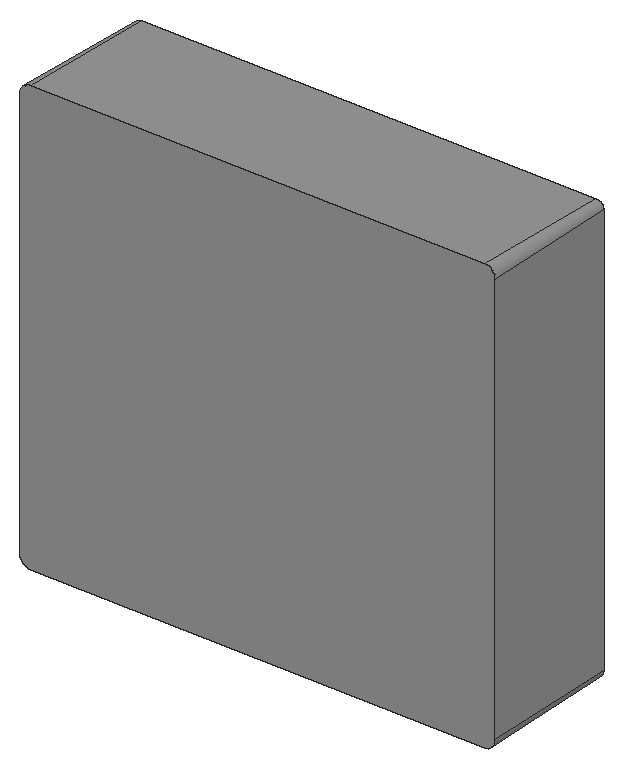
Revit family "L&L_LUCE&LIGHT_PASITO_1.2", category Lighting Fixtures, host Wall, Revit 2018 (continued)
Parameters (values of type "PASITO_1.2 – Asymmetrical 150°x90°")
    00 0.00 0.00 0.00 0.00 0.00 0.00 0.00 0.00 0.00 0.00 \r\n0.00 0.00 0.00 0.00 0.00 0.00 0.00 0.00 0.00 0.00 0.00 \r\n0.00 0.00 0.00 0.00 0.00 0.00 0.00 0.00 0.00 0.00 0.00 \r\n0.00 0.00 0.00 0.01 0.02 \r\n0.14 0.09 0.05 0.00 0.00 0.00 0.00 0.00 0.00 0.00 0.00 \r\n0.00 0.00 0.00 0.00 0.00 0.00 0.00 0.00 0.00 0.00 0.00 \r\n0.00 0.00 0.00 0.00 0.00 0.00 0.00 0.00 0.00 0.00 0.00 \r\n0.00 0.00 0.00 0.00 0.00 0.00 0.00 0.00 0.00 0.00 0.00 \r\n0.00 0.00 0.00 0.00 0.00 0.00 0.00 0.00 0.00 0.00 0.00 \r\n0.00 0.00 0.00 0.00 0.00 0.00 0.00 0.00 0.00 0.00 0.00 \r\n0.00 0.00 0.00 0.00 0.00 0.00 0.00 0.00 0.00 0.00 0.00 \r\n0.00 0.00 0.00 0.00 0.00 0.00 0.00 0.00 0.00 0.00 0.00 \r\n0.00 0.00 0.00 0.00 0.00 0.00 0.00 0.00 0.00 0.00 0.00 \r\n0.00 0.00 0.00 0.00 0.00 0.00 0.00 0.00 0.00 0.00 0.00 \r\n0.00 0.00 0.00 0.00 0.00 0.00 0.00 0.00 0.00 0.00 0.00 \r\n0.00 0.00 0.00 0.00 0.00 0.00 0.00 0.00 0.00 0.00 0.00 \r\n0.00 0.00 0.00 0.00 0.00 0.00 0.00 0.00 0.00 0.00 0.00 \r\n0.00 0.00 0.00 0.00 0.00 0.00 0.00 0.00 0.00 0.00 0.00 \r\n0.00 0.00 0.00 0.00 0.00 0.00 0.00 0.00 0.00 0.00 0.00 \r\n0.00 0.00 0.00 0.00 0.00 0.00 0.00 0.00 0.00 0.00 0.00 \r\n0.00 0.00 0.01 0.01 0.02 \r\n0.14 0.11 0.07 0.03 0.00 0.00 0.00 0.00 0.00 0.00 0.00 \r\n0.00 0.00 0.00 0.00 0.00 0.00 0.00 0.00 0.00 0.00 0.00 \r\n0.00 0.00 0.00 0.00 0.00 0.00 0.00 0.00 0.00 0.00 0.00 \r\n0.00 0.00 0.00 0.00 0.00 0.00 0.00 0.00 0.00 0.00 0.00 \r\n0.00 0.00 0.00 0.00 0.00 0.00 0.00 0.00 0.00 0.00 0.00 \r\n0.00 0.00 0.00 0.00 0.00 0.00 0.00 0.00 0.00 0.00 0.00 \r\n0.00 0.00 0.00 0.00 0.00 0.00 0.00 0.00 0.00 0.00 0.00 \r\n0.00 0.00 0.00 0.00 0.00 0.00 0.00 0.00 0.00 0.00 0.00 \r\n0.00 0.00 0.00 0.00 0.00 0.00 0.00 0.00 0.00 0.00 0.00 \r\n0.00 0.00 0.00 0.00 0.00 0.00 0.00 0.00 0.00 0.00 0.00 \r\n0.00 0.00 0.00 0.00 0.00 0.00 0.00 0.00 0.00 0.00 0.00 \r\n0.00 0.00 0.00 0.00 0.00 0.00 0.00 0.00 0.00 0.00 0.00 \r\n0.00 0.00 0.00 0.00 0.00 0.00 0.00 0.00 0.00 0.00 0.00 \r\n0.00 0.00 0.00 0.00 0.00 0.00 0.00 0.00 0.00 0.00 0.00 \r\n0.00 0.00 0.00 0.00 0.00 0.00 0.00 0.00 0.00 0.00 0.00 \r\n0.00 0.00 0.00 0.00 0.00 0.00 0.00 0.00 0.00 0.00 0.00 \r\n0.00 0.01 0.01 0.01 0.02 \r\n0.14 0.12 0.09 0.07 0.04 0.02 0.00 0.00 0.00 0.00 0.00 \r\n0.00 0.00 0.00 0.00 0.00 0.00 0.00 0.00 0.00 0.00 0.00 \r\n0.00 0.00 0.00 0.00 0.00 0.00 0.00 0.00 0.00 0.00 0.00 \r\n0.00 0.00 0.00 0.00 0.00 0.00 0.00 0.00 0.00 0.00 0.00 \r\n0.00 0.00 0.00 0.00 0.00 0.00 0.00 0.00 0.00 0.00 0.00 \r\n0.00 0.00 0.00 0.00 0.00 0.00 0.00 0.00 0.00 0.00 0.00 \r\n0.00 0.00 0.00 0.00 0.00 0.00 0.00 0.00 0.00 0.00 0.00 \r\n0.00 0.00 0.00 0.00 0.00 0.00 0.00 0.00 0.00 0.00 0.00 \r\n0.00 0.00 0.00 0.00 0.00 0.00 0.00 0.00 0.00 0.00 0.00 \r\n0.00 0.00 0.00 0.00 0.00 0.00 0.00 0.00 0.00 0.00 0.00 \r\n0.00 0.00 0.00 0.00 0.00 0.00 0.00 0.00 0.00 0.00 0.00 \r\n0.00 0.00 0.00 0.00 0.00 0.00 0.00 0.00 0.00 0.00 0.00 \r\n0.00 0.00 0.00 0.00 0.00 0.00 0.00 0.00 0.00 0.00 0.00 \r\n0.00 0.00 0.00 0.00 0.00 0.00 0.00 0.00 0.00 0.00 0.00 \r\n0.00 0.00 0.00 0.00 0.00 0.00 0.00 0.00 0.00 0.00 0.00 \r\n0.00 0.00 0.00 0.00 0.00 0.00 0.00 0.00 0.00 0.00 0.01 \r\n0.01 0.01 0.02 0.02 0.02 \r\n0.14 0.13 0.11 0.10 0.09 0.08 0.07 0.06 0.05 0.03 0.02 \r\n0.01 0.00 0.00 0.00 0.00 0.00 0.00 0.00 0.00 0.00 0.00 \r\n0.00 0.00 0.00 0.00 0.00 0.00 0.00 0.00 0.00 0.00 0.00 \r\n0.00 0.00 0.00 0.00 0.00 0.00 0.00 0.00 0.00 0.00 0.00 \r\n0.00 0.00 0.00 0.00 0.00 0.00 0.00 0.00 0.00 0.00 0.00 \r\n0.00 0.00 0.00 0.00 0.00 0.00 0.00 0.00 0.00 0.00 0.00 \r\n0.00 0.00 0.00 0.00 0.00 0.00 0.00 0.00 0.00 0.00 0.00 \r\n0.00 0.00 0.00 0.00 0.00 0.00 0.00 0.00 0.00 0.00 0.00 \r\n0.00 0.00 0.00 0.00 0.00 0.00 0.00 0.00 0.00 0.00 0.00 \r\n0.00 0.00 0.00 0.00 0.00 0.00 0.00 0.00 0.00 0.00 0.00 \r\n0.00 0.00 0.00 0.00 0.00 0.00 0.00 0.00 0.00 0.00 0.00 \r\n0.00 0.00 0.00 0.00 0.00 0.00 0.00 0.00 0.00 0.00 0.00 \r\n0.00 0.00 0.00 0.00 0.00 0.00 0.00 0.00 0.00 0.00 0.00 \r\n0.00 0.00 0.00 0.00 0.00 0.00 0.00 0.00 0.00 0.00 0.00 \r\n0.00 0.00 0.00 0.00 0.00 0.00 0.00 0.00 0.00 0.00 0.00 \r\n0.00 0.00 0.00 0.00 0.00 0.01 0.01 0.01 0.02 0.02 0.03 \r\n0.03 0.03 0.02 0.02 0.02 \r\n0.14 0.14 0.13 0.13 0.13 0.13 0.13 0.13 0.14 0.14 0.15 \r\n0.15 0.16 0.17 0.17 0.18 0.19 0.20 0.21 0.22 0.22 0.23 \r\n0.24 0.25 0.26 0.27 0.28 0.29 0.30 0.31 0.32 0.33 0.34 \r\n0.36 0.37 0.38 0.39 0.40 0.41 0.42 0.43 0.44 0.46 0.47 \r\n0.48 0.49 0.50 0.51 0.52 0.53 0.54 0.55 0.56 0.57 0.58 \r\n0.59 0.60 0.61 0.62 0.63 0.64 0.65 0.66 0.67 0.68 0.69 \r\n0.70 0.71 0.71 0.72 0.73 0.74 0.75 0.76 0.76 0.77 0.78 \r\n0.79 0.79 0.80 0.81 0.82 0.83 0.83 0.84 0.85 0.86 0.86 \r\n0.87 0.88 0.88 0.89 0.89 0.90 0.90 0.90 0.91 0.91 0.91 \r\n0.91 0.91 0.91 0.91 0.91 0.91 0.90 0.90 0.90 0.89 0.88 \r\n0.88 0.87 0.86 0.85 0.84 0.83 0.82 0.81 0.80 0.79 0.78 \r\n0.77 0.77 0.76 0.75 0.74 0.73 0.72 0.71 0.70 0.69 0.68 \r\n0.67 0.65 0.64 0.62 0.61 0.59 0.58 0.56 0.55 0.53 0.51 \r\n0.49 0.48 0.46 0.44 0.42 0.40 0.39 0.37 0.35 0.33 0.32 \r\n0.30 0.28 0.27 0.25 0.23 0.22 0.20 0.19 0.18 0.16 0.15 \r\n0.13 0.12 0.11 0.09 0.08 0.08 0.08 0.07 0.07 0.07 0.07 \r\n0.06 0.05 0.03 0.02 0.02 \r\n0.14 0.14 0.14 0.14 0.15 0.16 0.17 0.18 0.19 0.20 0.21 \r\n0.23 0.28 0.34 0.41 0.48 0.56 0.63 0.73 0.85 0.97 1.09 \r\n1.22 1.34 1.47 1.59 1.71 1.83 1.95 2.07 2.19 2.32 2.45 \r\n2.58 2.71 2.84 2.97 3.10 3.21 3.33 3.46 3.60 3.75 3.90 \r\n4.06 4.21 4.35 4.50 4.65 4.80 4.97 5.15 5.35 5.56 5.78 \r\n6.02 6.26 6.51 6.76 7.00 7.24 7.47 7.68 7.88 8.08 8.25 \r\n8.39 8.53 8.66 8.77 8.86 8.92 8.97 9.01 9.04 9.07 9.10 \r\n9.13 9.16 9.18 9.19 9.19 9.17 9.14 9.09 9.03 8.96 8.88 \r\n8.79 8.70 8.61 8.53 8.46 8.38 8.29 8.19 8.07 7.94 7.78 \r\n7.59 7.38 7.13 6.88 6.61 6.34 6.08 5.84 5.61 5.40 5.19 \r\n4.98 4.78 4.58 4.39 4.21 4.04 3.88 3.73 3.60 3.47 3.35 \r\n3.23 3.12 3.02 2.92 2.83 2.74 2.65 2.56 2.47 2.38 2.29 \r\n2.21 2.13 2.06 1.98 1.91 1.85 1.78 1.71 1.64 1.57 1.51 \r\n1.44 1.38 1.32 1.26 1.21 1.15 1.10 1.04 0.99 0.94 0.89 \r\n0.84 0.79 0.74 0.69 0.65 0.60 0.56 0.51 0.47 0.43 0.40 \r\n0.36 0.33 0.29 0.26 0.24 0.22 0.20 0.18 0.16 0.14 0.13 \r\n0.10 0.07 0.05 0.03 0.02 \r\n0.14 0.14 0.14 0.15 0.18 0.22 0.27 0.37 0.47 0.58 0.74 \r\n0.90 1.09 1.32 1.56 1.79 2.02 2.25 2.43 2.57 2.71 2.84 \r\n2.94 3.05 3.16 3.29 3.43 3.58 3.75 3.93 4.11 4.34 4.58 \r\n4.83 5.09 5.36 5.63 5.92 6.21 6.50 6.79 7.07 7.33 7.61 \r\n7.90 8.23 8.58 8.93 9.26 9.56 9.86 10.17 10.50 10.82 \r\n11.15 11.47 11.78 12.07 12.36 12.61 12.85 13.06 13.24 \r\n13.41 13.55 13.68 13.79 13.89 13.99 14.07 14.14 14.19 \r\n14.22 14.24 14.25 14.24 14.23 14.22 14.20 14.17 14.12 \r\n14.06 13.97 13.88 13.77 13.66 13.54 13.42 13.29 13.16 \r\n13.03 12.80 12.54 12.26 11.99 11.75 11.55 11.39 11.24 \r\n11.10 10.95 10.78 10.59 10.37 10.13 9.87 9.59 9.30 9.01 \r\n8.71 8.42 8.14 7.86 7.59 7.32 7.07 6.82 6.59 6.37 6.17 \r\n5.97 5.77 5.58 5.39 5.20 5.01 4.83 4.66 4.50 4.34 4.19 \r\n4.04 3.90 3.76 3.63 3.50 3.36 3.23 3.10 2.97 2.85 2.74 \r\n2.63 2.53 2.43 2.32 2.21 2.11 2.01 1.91 1.82 1.73 1.64 \r\n1.55 1.47 1.39 1.31 1.23 1.14 1.06 0.98 0.91 0.85 0.78 \r\n0.72 0.65 0.59 0.53 0.47 0.42 0.38 0.34 0.30 0.27 0.23 \r\n0.19 0.15 0.10 0.06 0.04 0.02 \r\n0.14 0.13 0.14 0.18 0.25 0.41 0.60 0.84 1.09 1.37 1.65 \r\n1.93 2.19 2.39 2.56 2.68 2.80 2.91 3.03 3.17 3.35 3.57 \r\n3.81 4.09 4.37 4.68 5.00 5.34 5.69 6.04 6.42 6.85 7.30 \r\n7.74 8.14 8.52 9.02 9.54 10.12 10.74 11.39 12.01 12.48 \r\n16.16 18.59 19.07 17.91 16.23 18.88 22.23 20.67 19.75 \r\n21.44 20.56 24.45 30.24 33.07 36.53 42.03 46.68 50.98 \r\n59.62 71.03 81.44 91.48 102.28 114.79 129.59 146.12 \r\n165.74 188.85 216.41 248.40 284.37 324.39 369.05 415.66 \r\n464.33 513.42 559.23 597.78 624.99 637.65 632.79 607.10 \r\n556.96 480.39 384.56 281.37 183.33 103.17 64.19 39.34 \r\n25.13 17.71 13.90 13.72 13.53 13.34 13.15 12.96 12.78 \r\n12.62 12.49 12.37 12.23 12.04 11.82 11.58 11.35 11.07 \r\n10.80 10.54 10.29 10.04 9.78 9.52 9.24 8.97 8.70 8.44 \r\n8.18 7.93 7.68 7.43 7.20 6.98 6.76 6.54 6.33 6.11 5.90 \r\n5.68 5.48 5.28 5.08 4.89 4.70 4.51 4.33 4.15 3.98 3.82 \r\n3.66 3.51 3.36 3.21 3.06 2.92 2.78 2.64 2.50 2.37 2.25 \r\n2.13 2.00 1.88 1.76 1.64 1.53 1.43 1.33 1.23 1.13 1.04 \r\n0.95 0.87 0.78 0.70 0.63 0.56 0.49 0.43 0.37 0.32 0.26 \r\n0.20 0.13 0.08 0.04 0.02 \r\n0.14 0.13 0.16 0.22 0.43 0.72 1.07 1.44 1.78 2.09 2.31 \r\n2.47 2.61 2.73 2.88 3.05 3.28 3.55 3.84 4.14 4.45 4.79 \r\n5.17 5.58 6.01 6.47 6.97 7.48 7.97 8.48 9.13 9.92 10.85 \r\n11.82 13.29 19.34 31.07 50.93 73.01 91.92 103.79 110.53 \r\n114.24 117.68 121.57 125.48 129.15 132.58 135.58 138.50 \r\n141.42 144.86 148.65 152.71 157.06 161.84 167.08 172.65 \r\n178.70 185.27 192.39 200.13 208.38 216.90 225.46 233.61 \r\n241.00 247.62 253.99 261.21 270.47 282.64 298.22 316.51 \r\n336.14 355.80 374.37 391.73 410.20 432.21 459.60 493.99 \r\n531.24 559.90 568.72 547.02 486.53 394.64 288.14 183.75 \r\n98.00 64.84 42.19 27.74 19.20 15.45 15.26 15.07 14.88 \r\n14.69 14.56 14.46 14.36 14.25 14.15 13.99 13.82 13.64 \r\n13.46 13.26 12.97 12.73 12.53 12.37 12.18 11.94 11.69 \r\n11.43 11.17 10.91 10.66 10.40 10.14 9.87 9.60 9.33 9.06 \r\n8.79 8.53 8.26 8.00 7.73 7.48 7.23 6.99 6.74 6.49 6.25 \r\n6.01 5.79 5.56 5.33 5.10 4.87 4.64 4.43 4.23 4.04 3.85 \r\n3.66 3.48 3.30 3.13 2.96 2.79 2.62 2.46 2.31 2.17 2.03 \r\n1.89 1.75 1.62 1.50 1.38 1.25 1.13 1.02 0.92 0.83 0.75 \r\n0.66 0.58 0.49 0.41 0.33 0.25 0.17 0.10 0.05 0.02 \r\n0.14 0.13 0.17 0.34 0.66 1.09 1.56 1.96 2.24 2.43 2.56 \r\n2.69 2.85 3.08 3.37 3.70 4.04 4.39 4.77 5.20 5.68 6.18 \r\n6.72 7.28 7.85 8.50 9.21 9.97 11.05 12.61 20.95 38.83 \r\n62.79 80.54 90.93 96.25 99.45 103.07 107.12 111.25 115.26 \r\n119.03 122.14 124.78 127.30 130.14 133.68 137.89 142.55 \r\n146.94 150.93 154.81 158.96 163.62 168.69 173.80 178.98 \r\n184.15 189.39 194.66 199.57 204.08 208.38 212.88 217.75 \r\n222.87 228.32 234.04 240.21 247.03 254.54 262.85 272.05 \r\n282.11 292.84 303.93 315.16 326.27 336.40 344.24 348.34 \r\n347.12 339.19 323.22 298.12 263.02 216.98 163.73 109.88 \r\n61.88 26.07 24.09 22.11 20.12 18.09 16.89 16.67 16.45 \r\n16.23 16.01 15.92 15.83 15.74 15.65 15.56 15.47 15.37 \r\n15.27 15.16 14.94 14.74 14.56 14.40 14.23 14.04 13.82 \r\n13.59 13.34 13.08 12.81 12.55 12.29 12.02 11.74 11.45 \r\n11.17 10.89 10.61 10.32 10.02 9.72 9.43 9.14 8.86 8.57 \r\n8.28 7.99 7.71 7.44 7.19 6.92 6.66 6.38 6.10 5.85 5.61 \r\n5.37 5.11 4.85 4.61 4.38 4.15 3.92 3.71 3.49 3.29 3.11 \r\n2.92 2.73 2.54 2.35 2.18 2.02 1.86 1.71 1.57 1.43 1.28 \r\n1.14 1.02 0.92 0.82 0.72 0.62 0.51 0.41 0.30 0.21 0.12 \r\n0.06 0.02 \r\n0.14 0.13 0.18 0.45 0.92 1.48 1.97 2.29 2.45 2.58 2.73 \r\n2.95 3.25 3.60 3.98 4.38 4.81 5.31 5.87 6.46 7.02 7.54 \r\n8.32 9.48 10.37 12.47 19.24 34.75 59.40 79.47 87.46 89.98 \r\n92.71 95.80 98.88 101.87 104.77 107.43 109.70 111.55 \r\n113.70 116.95 121.45 126.53 131.30 135.63 139.69 143.67 \r\n147.47 151.10 154.68 158.30 161.99 165.73 169.27 172.59 \r\n175.83 179.20 182.86 186.79 190.98 195.35 199.81 204.26 \r\n208.60 212.88 217.16 221.60 226.34 231.47 236.83 242.22 \r\n247.32 251.94 256.06 259.87 263.63 267.59 271.37 272.75 \r\n269.16 257.46 235.80 205.50 170.04 133.41 99.43 70.66 \r\n47.81 30.76 19.58 19.18 18.78 18.38 17.97 17.74 17.59 \r\n17.45 17.30 17.12 16.95 16.87 16.83 16.83 16.80 16.76 \r\n16.73 16.69 16.60 16.46 16.32 16.17 16.00 15.81 15.61 \r\n15.39 15.17 14.94 14.70 14.46 14.20 13.93 13.66 13.39 \r\n13.10 12.81 12.51 12.21 11.92 11.62 11.31 11.01 10.71 \r\n10.41 10.10 9.78 9.45 9.14 8.83 8.50 8.18 7.86 7.56 7.26 \r\n6.98 6.71 6.42 6.12 5.83 5.57 5.30 5.01 4.73 4.45 4.19 \r\n3.95 3.71 3.47 3.25 3.05 2.84 2.63 2.42 2.22 2.03 1.85 \r\n1.69 1.54 1.39 1.23 1.09 0.97 0.86 0.74 0.61 0.49 0.36 \r\n0.24 0.14 0.06 0.02 \r\n0.14 0.13 0.24 0.62 1.20 1.80 2.22 2.43 2.57 2.74 2.99 \r\n3.33 3.73 4.16 4.61 5.11 5.69 6.31 6.90 7.62 8.67 9.58 \r\n11.58 14.34 35.18 61.64 76.29 81.73 85.46 88.99 91.82 \r\n94.22 96.40 98.42 100.35 101.74 102.76 104.71 108.12 \r\n112.20 116.28 120.36 124.54 128.65 132.55 136.04 139.16 \r\n142.23 145.45 148.67 151.62 154.27 157.00 159.95 162.88 \r\n165.65 168.52 171.67 175.01 178.40 181.64 184.76 187.85 \r\n191.05 194.40 197.87 201.59 205.59 209.82 214.06 217.98 \r\n221.26 223.79 225.64 226.89 227.60 227.45 226.01 222.86 \r\n216.73 206.11 189.53 165.51 134.90 101.58 70.25 46.06 \r\n34.70 27.10 22.39 19.45 19.27 19.09 18.90 18.71 18.59 \r\n18.48 18.36 18.24 18.16 18.09 18.02 17.95 17.89 17.84 \r\n17.80 17.75 17.70 17.67 17.63 17.57 17.48 17.33 17.15 \r\n16.95 16.74 16.52 16.30 16.08 15.86 15.62 15.37 15.09 \r\n14.81 14.52 14.23 13.94 13.63 13.32 13.02 12.71 12.38 \r\n12.05 11.73 11.43 11.12 10.81 10.47 10.09 9.71 9.38 9.09 \r\n8.76 8.40 8.04 7.71 7.39 7.06 6.77 6.47 6.15 5.82 5.52 \r\n5.23 4.94 4.63 4.32 4.04 3.79 3.54 3.28 3.05 2.82 2.59 \r\n2.36 2.15 1.95 1.76 1.60 1.44 1.28 1.12 0.98 0.85 0.71 \r\n0.56 0.42 0.28 0.16 0.07 0.02 \r\n0.14 0.14 0.30 0.77 1.45 2.04 2.36 2.52 2.69 2.95 3.32 \r\n3.75 4.21 4.69 5.23 5.88 6.55 7.29 8.19 9.11 10.77 20.85 \r\n44.81 66.58 76.90 81.08 84.16 86.98 89.57 91.60 92.94 \r\n94.27 95.49 96.28 97.79 100.58 104.05 107.52 110.87 \r\n114.25 117.63 120.68 123.31 125.73 128.35 131.25 133.81 \r\n135.86 138.13 141.01 144.12 146.85 149.27 151.77 154.44 \r\n157.18 159.91 162.56 165.04 167.30 169.42 171.63 174.15 \r\n177.03 180.22 183.68 187.36 190.99 194.33 197.04 198.91 \r\n199.87 200.26 200.54 201.18 202.14 203.27 201.80 196.26 \r\n184.52 166.72 143.88 117.87 90.60 64.69 42.54 26.68 23.51 \r\n22.23 21.00 19.79 19.67 19.54 19.41 19.29 19.22 19.14 \r\n19.05 18.98 18.93 18.88 18.82 18.76 18.70 18.66 18.63 \r\n18.60 18.57 18.55 18.52 18.48 18.42 18.32 18.19 18.03 \r\n17.84 17.64 17.42 17.20 16.98 16.75 16.51 16.26 16.00 \r\n15.74 15.46 15.16 14.84 14.54 14.23 13.90 13.56 13.26 \r\n12.94 12.56 12.19 11.88 11.58 11.22 10.85 10.52 10.18 \r\n9.77 9.38 9.05 8.70 8.31 7.93 7.59 7.26 6.92 6.57 6.24 \r\n5.91 5.57 5.26 4.96 4.64 4.31 4.01 3.73 3.46 3.18 2.93 \r\n2.69 2.45 2.22 2.00 1.80 1.63 1.46 1.28 1.10 0.94 0.79 \r\n0.63 0.47 0.32 0.18 0.08 0.02 \r\n0.14 0.14 0.35 0.93 1.67 2.22 2.46 2.61 2.84 3.22 3.67 \r\n4.14 4.64 5.23 5.93 6.65 7.51 8.33 9.57 16.74 37.84 62.54 \r\n75.59 79.17 82.35 85.28 87.64 89.31 90.17 90.78 91.19 \r\n91.81 93.51 96.57 99.72 102.55 105.67 108.82 111.54 \r\n113.94 115.99 117.91 119.93 121.47 122.45 123.80 126.14 \r\n128.67 131.01 133.28 135.59 137.75 139.72 141.76 143.98 \r\n146.08 147.94 149.73 151.61 153.64 155.89 158.36 160.99 \r\n163.70 166.41 168.86 170.99 172.91 174.70 176.27 177.66 \r\n178.90 180.04 181.09 181.77 181.45 179.11 173.20 162.47 \r\n146.39 125.04 100.48 76.01 54.79 39.05 28.63 22.57 20.73 \r\n20.46 20.20 19.94 19.87 19.79 19.71 19.64 19.58 19.53 \r\n19.50 19.47 19.44 19.40 19.37 19.33 19.30 19.28 19.26 \r\n19.23 19.21 19.18 19.16 19.16 19.16 19.13 19.07 18.95 \r\n18.77 18.57 18.36 18.14 17.92 17.69 17.47 17.22 16.95 \r\n16.68 16.43 16.16 15.88 15.57 15.23 14.91 14.62 14.28 \r\n13.90 13.56 13.25 12.87 12.51 12.17 11.80 11.45 11.10 \r\n10.71 10.35 9.96 9.52 9.16 8.82 8.41 8.00 7.62 7.26 6.90 \r\n6.54 6.19 5.83 5.47 5.15 4.83 4.49 4.14 3.83 3.54 3.25 \r\n2.98 2.72 2.48 2.25 2.02 1.80 1.61 1.43 1.23 1.03 0.86 \r\n0.69 0.52 0.35 0.20 0.08 0.02 \r\n0.14 0.14 0.40 1.09 1.86 2.32 2.52 2.70 3.03 3.50 3.97 \r\n4.50 5.11 5.82 6.60 7.51 8.38 9.87 21.46 46.49 67.64 \r\n74.41 78.35 82.03 84.73 86.84 87.45 87.56 87.84 88.40 \r\n89.94 92.73 95.67 98.25 101.05 103.76 106.03 108.07 \r\n109.80 111.49 112.98 113.78 114.41 115.78 117.76 119.53 \r\n121.22 123.14 124.86 126.17 127.51 129.19 130.86 132.21 \r\n133.25 134.10 135.09 136.48 138.28 140.29 142.20 143.93 \r\n145.70 147.52 149.31 151.03 152.48 153.67 154.76 155.77 \r\n156.61 157.32 158.22 159.46 160.69 160.23 156.22 147.28 \r\n132.68 113.55 91.76 69.49 49.26 33.34 25.13 22.66 21.30 \r\n20.23 20.15 20.08 20.00 19.97 19.93 19.89 19.87 19.85 \r\n19.83 19.80 19.78 19.77 19.75 19.74 19.73 19.72 19.72 \r\n19.72 19.72 19.71 19.70 19.67 19.64 19.63 19.63 19.63 \r\n19.60 19.50 19.35 19.15 18.94 18.71 18.48 18.25 18.02 \r\n17.77 17.51 17.24 16.95 16.67 16.42 16.11 15.76 15.40 \r\n15.08 14.78 14.41 14.06 13.70 13.36 13.01 12.58 12.21 \r\n11.85 11.46 11.11 10.73 10.30 9.91 9.48 9.09 8.70 8.27 \r\n7.87 7.49 7.11 6.74 6.39 6.01 5.62 5.24 4.91 4.57 4.20 \r\n3.86 3.56 3.26 2.97 2.72 2.47 2.22 1.98 1.75 1.55 1.34 \r\n1.12 0.92 0.74 0.57 0.39 0.22 0.09 0.02 \r\n0.14 0.14 0.47 1.22 1.99 2.41 2.57 2.82 3.24 3.73 4.25 \r\n4.87 5.58 6.37 7.29 8.23 9.87 21.21 47.44 66.29 71.26 \r\n75.44 78.91 81.97 83.73 84.14 84.41 84.55 85.59 88.07 \r\n91.04 93.62 96.68 99.50 101.74 103.70 105.10 106.26 \r\n107.11 107.44 107.40 108.27 110.03 111.68 113.35 115.11 \r\n116.41 117.16 118.12 119.49 120.94 122.13 122.89 123.44 \r\n123.95 124.62 125.61 127.01 128.50 1
